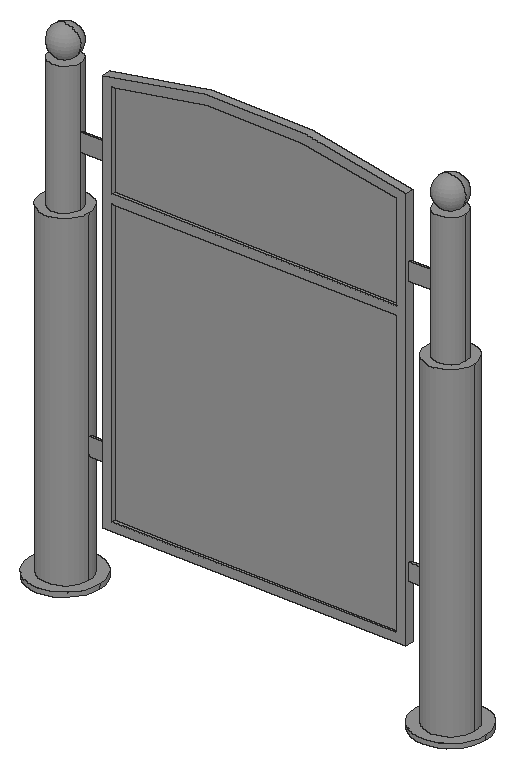
Revit family "7369 Указатель стальной низкий арт_388 Хоббика", category Антураж, Revit 2018
Family settings
  На основе рабочей плоскости = Нет
  Всегда вертикально = Да
  При загрузке вырезать с полостями = Нет
  Источник визуального образа = Геометрия семейства
  Общий = Нет
  Точка расчета площади = Нет
Parameters (values of type "Указатель стальной низкий арт. 388")
  Ширина = 160 mm  # constant formula
  Цвет каркаса = Сталь
  Описание = "Указатель стальной низкий арт. 388"  # constant formula
  Материал изделия = "Сталь"  # constant formula
  Изображение типоразмера = Указатель стальной низкий арт_388 Арт 7369.jpg
  Изготовитель = "ООО «Хоббика»"  # constant formula
  Длина = 1040 mm  # constant formula
  Группа модели = "Стенды и указатели"  # constant formula
  Высота = 1130 mm  # constant formula
  Артикул товара = "Арт. 7369"  # constant formula
  URL = "https://hobbyka.ru/product/ukazatel_stalnoi_nizkii_art_388"
Reference planes
  plane 1 "По центру (Вперед/Назад)": y = 0
  plane 2: z = 0
  plane 3 "По центру (Влево/Вправо)": x = 0
  plane 4: y = 160
  plane 5: x = 1040
  plane 6: z = 1130
Forms (mm)
  Extrusion 1, solid, material "Сталь" <- "Цвет каркаса"
    sketch origin (0, 0, 0) x (1, 0, 0) y (0, 1, 0)
      loop
        circle (80, 80) r 80
      loop
        circle (960, 80) r 80
    from 0 to 10
  Extrusion 2, solid, material "Сталь" <- "Цвет каркаса"
    sketch origin (0, 0, 0) x (1, 0, 0) y (0, 1, 0)
      loop
        circle (80, 80) r 55
      loop
        circle (960, 80) r 55
    from 10 to 760
  Extrusion 3, solid, material "Сталь" <- "Цвет каркаса"
    sketch origin (0, 0, 0) x (1, 0, 0) y (0, 1, 0)
      loop
        circle (80, 80) r 35
      loop
        circle (960, 80) r 35
    from 760 to 1060
  Revolve 4, solid, material "Сталь" <- "Цвет каркаса"
    sketch origin (0, 80, -23.422) x (1, 0, 0) y (0, 0, 1)
      loop
        line (80, 1153.422) -> (80, 1083.422)
        arc (80, 1083.422) -> (115, 1118.422) -> (80, 1153.422) r 35
      axis (80, 1083.422) -> (80, 1153.422)
    angle from 0 to 360
  Revolve 5, solid, material "Сталь" <- "Цвет каркаса"
    sketch origin (880, 80, -23.422) x (1, 0, 0) y (0, 0, 1)
      loop
        line (80, 1153.422) -> (80, 1083.422)
        arc (80, 1083.422) -> (115, 1118.422) -> (80, 1153.422) r 35
      axis (80, 1083.422) -> (80, 1153.422)
    angle from 0 to 360
  Extrusion 6, solid, material "Сталь" <- "Цвет каркаса"
    sketch origin (0, 0, 0) x (1, 0, 0) y (0, 0, 1)
      loop
        line (80, 920) -> (80, 880) -> (175, 880) -> (175, 920) -> (80, 920)
      loop
        line (80, 305) -> (80, 265) -> (175, 265) -> (175, 305) -> (80, 305)
      loop
        line (960, 920) -> (865, 920) -> (865, 880) -> (960, 880) -> (960, 920)
      loop
        line (960, 305) -> (865, 305) -> (865, 265) -> (960, 265) -> (960, 305)
    from -82.5 to -77.5
  Extrusion 7, solid, material "Сталь" <- "Цвет каркаса"
    sketch origin (0, 0, 0) x (1, 0, 0) y (0, 0, 1)
      loop
        line (175, 1060) -> (175, 135) -> (865, 135) -> (865, 1060)
        arc (865, 1060) -> (520, 1107.441) -> (175, 1060) r 1278.172
      loop
        arc (845, 1044.741) -> (520, 1087.441) -> (195, 1044.741) r 1258.172
        line (195, 1044.741) -> (195, 825) -> (845, 825) -> (845, 1044.741)
      loop
        line (195, 155) -> (845, 155) -> (845, 805) -> (195, 805) -> (195, 155)
    from -90 to -70
  Extrusion 8, solid, material "Щит"
    sketch origin (0, 0, 0) x (1, 0, 0) y (0, 0, 1)
      loop
        line (845, 825) -> (845, 1044.741)
        arc (845, 1044.741) -> (520, 1087.441) -> (195, 1044.741) r 1258.172
        line (195, 1044.741) -> (195, 825) -> (845, 825)
      loop
        line (195, 805) -> (195, 155) -> (845, 155) -> (845, 805) -> (195, 805)
    from -82.5 to -77.5
Cuts and joins
  joined: Extrusion 2, Extrusion 3, Extrusion 6
Dimensions and locks
  "Ширина": plane 4 to plane 1 "По центру (Вперед/Назад)"
  "Длина": plane 3 "По центру (Влево/Вправо)" to plane 5
  "Высота": plane 6 to level
  aligned and locked: level to plane 2
Automatic sketch dimensions
  plane 3 "По центру (Влево/Вправо)" to Extrusion 1 sketch curve = 80 mm
  Extrusion 1 sketch curve to plane 5 = 80 mm
  Extrusion 1 sketch curve to plane 1 "По центру (Вперед/Назад)" = 80 mm  (x2)
  plane 3 "По центру (Влево/Вправо)" to Extrusion 2 sketch curve = 80 mm
  Extrusion 2 sketch curve to plane 5 = 80 mm
  Extrusion 2 sketch curve to plane 1 "По центру (Вперед/Назад)" = 80 mm  (x2)
  plane 3 "По центру (Влево/Вправо)" to Extrusion 3 sketch curve = 80 mm
  Extrusion 3 sketch curve to plane 5 = 80 mm
  Extrusion 3 sketch curve to plane 1 "По центру (Вперед/Назад)" = 80 mm  (x2)
  plane 3 "По центру (Влево/Вправо)" to Revolve 4 sketch curve = 80 mm
  level to Revolve 4 sketch curve = 1060 mm
  Revolve 4 sketch curve to Revolve 4 sketch curve = 35 mm
  Revolve 4 sketch curve to Revolve 4 sketch curve = 0 mm  (x3)
  Revolve 5 sketch curve to plane 5 = 80 mm
  level to Revolve 5 sketch curve = 1060 mm
  Revolve 5 sketch curve to Revolve 5 sketch curve = 35 mm
  Revolve 5 sketch curve to Revolve 5 sketch curve = 0 mm  (x3)
  plane 3 "По центру (Влево/Вправо)" to Extrusion 6 sketch curve = 80 mm  (x2)
  Extrusion 6 sketch curve to Extrusion 6 sketch curve = 95 mm  (x2)
  Extrusion 6 sketch curve to plane 5 = 175 mm  (x2)
  Extrusion 6 sketch curve to plane 5 = 80 mm  (x2)
  level to Extrusion 6 sketch curve = 265 mm  (x2)
  Extrusion 6 sketch curve to Extrusion 6 sketch curve = 40 mm  (x4)
  Extrusion 6 sketch curve to Extrusion 6 sketch curve = 575 mm  (x2)
  Extrusion 7 sketch curve to Extrusion 7 sketch curve = 0 mm  (x3)
  plane 3 "По центру (Влево/Вправо)" to Extrusion 7 sketch curve = 175 mm
  Extrusion 7 sketch curve to Extrusion 7 sketch curve = 20 mm  (x5)
  Extrusion 7 sketch curve to level = 170.731 mm
  Extrusion 7 sketch curve to Extrusion 7 sketch curve = 325 mm
  Extrusion 7 sketch curve to plane 5 = 195 mm
  level to Extrusion 7 sketch curve = 135 mm
  Extrusion 7 sketch curve to Extrusion 7 sketch curve = 889.741 mm
  Extrusion 7 sketch curve to Extrusion 7 sketch curve = 15.259 mm
  Extrusion 7 sketch curve to Extrusion 7 sketch curve = 239.741 mm
  plane 3 "По центру (Влево/Вправо)" to Extrusion 8 sketch curve = 195 mm
  Extrusion 8 sketch curve to level = 170.731 mm
  plane 3 "По центру (Влево/Вправо)" to Extrusion 8 sketch curve = 520 mm
  Extrusion 8 sketch curve to plane 5 = 195 mm
  level to Extrusion 8 sketch curve = 825 mm
  Extrusion 8 sketch curve to Extrusion 8 sketch curve = 219.741 mm
  Extrusion 8 sketch curve to Extrusion 8 sketch curve = 0 mm  (x2)
  level to Extrusion 8 sketch curve = 155 mm
  Extrusion 8 sketch curve to Extrusion 8 sketch curve = 20 mm
  radius of Extrusion 1 sketch curve = 80 mm  (x2)
  radius of Extrusion 2 sketch curve = 55 mm  (x2)
  radius of Extrusion 3 sketch curve = 35 mm  (x2)
